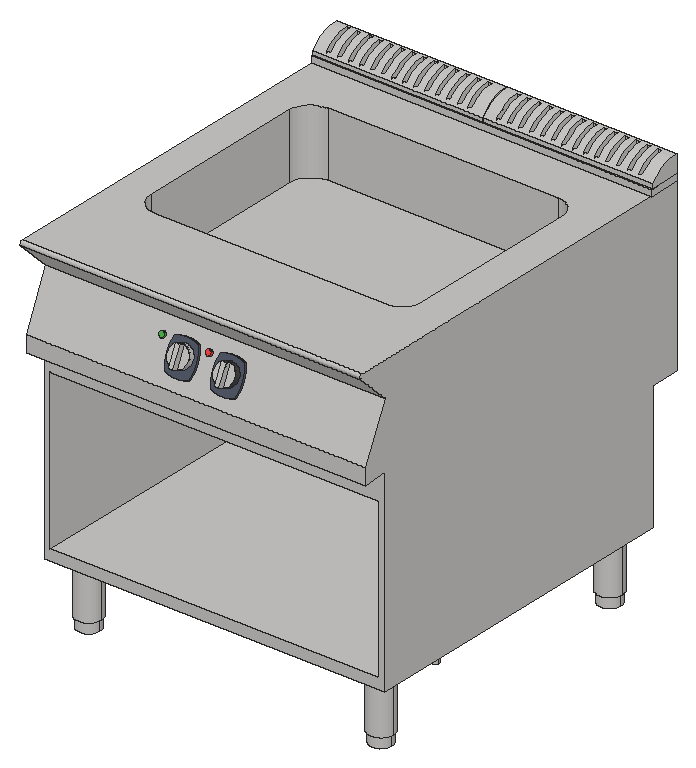
Revit family "QF_ELECTROLUXPROFESSIONAL_391596_E9QQBTBAMEI", category Attrezzature speciali, Revit 2021
Family settings
  Quota connettore circolare = Usa diametro
  Tipo di parte = Normale
  Basato su piano di lavoro = No
  Sempre verticale = Sì
  Taglio con vuoti quando caricato = No
  Condiviso = No
  Punto di calcolo locali = No
Parameters (values of type "Standard")
  Weight = 115.00 kg
  Watts = 0 W
  Volts = 0 V
  URL Manufacturer = "https://www.electroluxprofessional.com/"
  URL = "https://www.electroluxprofessional.com/"
  Steam Supply Size = 0"
  Steam Supply Minimum Pressure = 0.00 psi
  Steam Supply Maximum Pressure = 0.00 psi
  Steam Consumption per Hour = 0
  Show Logo [instance] = yes
  Show Clearance [instance] = yes
  Refrigeration Suction Line Size = 0 mm
  Refrigeration Liquid Line Size = 0 mm
  Refrigerant Compressor Remote = yes
  Prospetto di default = 0 mm
  Phase = 0
  Modello = "E9QQBTBAMEI"
  Produttore = "Electrolux Professional"
  Length Actual = 800 mm  # constant formula
  Item Number = "391596"
  Hot Water Size = 0"
  Height Actual = 850 mm  # constant formula
  HP = "0 HP"
  Gas Size = 1/2"
  Gas KW = 14
  Gas Input Pressure = 0.469158 Btu/h
  Direct Waste Size = 0"
  Descrizione = "GAS MULTIFUNCTIONAL COOKER COMPOUND BOTTOM 22L - QMARK"
  Depth Actual = 930 mm  # constant formula
  Cycle = 0 Hz
  Condensate Return Size = 0"
  Compressed Air Volume = 0 GPM
  Compressed Air Size = 0"
  Compressed Air Pressure = 0.00 psi
  Cold Water Size = 0"
  Base Height [instance] = 149 mm  # constant formula
  Accessory = yes
Reference planes
  plane 1 "BACK": y = 0
  plane 2: z = 0
  plane 3 "LEFT": x = 0
  plane 4 "RIGHT": x = 800
  plane 5 "FRONT": y = -930
  plane 6 "TOP": z = 850.238
  plane 7 "Center Y": x = 400
  plane 8 "Center X": y = -465
  plane 9: z = 149
  plane 10: y = -126
  plane 11: y = -799
  plane 12: y = -695
  plane 13: x = 56
  plane 14: x = 744
  plane 15: x = 753
  plane 16: z = 908
  plane 17: x = 789
Forms (mm)
  Extrusion 1, solid, material "QF_Finishes_Stainless Steel"
    sketch origin (0, -198.623, 0) x (0, 1, 0) y (0, 0, 1)
      loop
        line (198.623, 850.238) -> (-725.027, 850.238)
        arc (-725.027, 850.238) -> (-730.893, 846.318) -> (-729.517, 839.397) r 6.35
        line (-729.517, 839.397) -> (-656.416, 767.047) -> (-713.522, 646.19) -> (-713.522, 608.09) -> (-659.4, 613.7) -> (-659.4, 149) -> (128.623, 149) -> (128.623, 450) -> (198.623, 450) -> (198.623, 850.238)
    from 0 to 800
  Extrusion 2, void
    sketch origin (0, -198.623, 850.238) x (-1, 0, 0) y (0, -1, 0)
      loop
        line (-670, -11.863) -> (-128.433, -11.863)
        arc (-128.433, -11.863) -> (-93.078, 2.782) -> (-78.433, 38.137) r 50
        line (-78.433, 38.137) -> (-78.433, 446.377)
        arc (-78.433, 446.377) -> (-93.078, 481.732) -> (-128.433, 496.377) r 50
        line (-128.433, 496.377) -> (-670, 496.377)
        arc (-670, 496.377) -> (-705.355, 481.732) -> (-720, 446.377) r 50
        line (-720, 446.377) -> (-720, 38.137)
        arc (-720, 38.137) -> (-705.355, 2.782) -> (-670, -11.863) r 50
    from 0 to -152.4
  Extrusion 3, solid, material "QF_Clearances", visible <- "Show Clearance", detail levels coarse
    sketch origin (0, -198.623, 0) x (1, 0, 0) y (0, 1, 0)
      loop
        line (0, -731.377) -> (0, 198.623) -> (800, 198.623) -> (800, -731.377) -> (950.019, -731.377) -> (950.019, 348.642) -> (-150.019, 348.642) -> (-150.019, -731.377) -> (0, -731.377)
    from 0 to 850.238
  Revolve 4, solid, material "QF_Finishes_Stainless Steel"
    sketch origin (0, -126, 608.09) x (0, 0, 1) y (-1, 0, 0)
      loop
        line (-608.09, -56) -> (-459.09, -56) -> (-459.09, -26) -> (-583.09, -26) -> (-583.09, -29.75) -> (-608.09, -29.75) -> (-608.09, -56)
      axis (-608.09, -56) -> (-459.09, -56)
    angle from 0 to 360
  Revolve 5, solid, material "QF_Finishes_Stainless Steel"
    sketch origin (800.1, -126, 608.09) x (0, 0, 1) y (-1, 0, 0)
      loop
        line (-608.09, 56.1) -> (-608.09, 29.85) -> (-583.09, 29.85) -> (-583.09, 26.1) -> (-459.09, 26.1) -> (-459.09, 56.1) -> (-608.09, 56.1)
      axis (-608.09, 56.1) -> (-459.09, 56.1)
    angle from 0 to 360
  Extrusion 6, solid, material "QF_Finishes_Stainless Steel"
    sketch origin (-77.88, -4770.623, 533.7) x (-1, 0, 0) y (0, -1, 0)
      loop
        circle (-368.88, -4124.623) r 25.4
    from 67.3 to -12.7
  Extrusion 7, void
    sketch origin (0, -858.023, 149) x (0, 0, -1) y (-1, 0, 0)
      loop
        line (-25.4, -12.7) -> (-399.138, -12.7) -> (-399.138, -787.3) -> (-25.4, -787.3) -> (-25.4, -12.7)
    from 0 to 570.276
  Extrusion 8, void
    sketch origin (0, -198.623, 697.838) x (0, -1, 0) y (-1, 0, 0)
      loop
        circle (447.377, -291) r 25.4
    from 0 to 96.838
  Extrusion 9, solid, material "QF_Finishes_Stainless Steel"
    sketch origin (0, -70, 149) x (-1, 0, 0) y (0, 1, 0)
      loop
        circle (-789, -624) r 6.604
    from 0 to 12.7
  Extrusion 10, solid, material "QF_Finishes_Stainless Steel"
    sketch origin (-45.315, -48.869, 149) x (-1, 0, 0) y (0, 1, 0)
      loop
        circle (-798.315, -601.131) r 6.35
    from 0 to 12.7
  Extrusion 11, solid, material "QF_Finishes_Stainless Steel"
    sketch origin (0, -198.623, 14.763) x (0, 1, 0) y (0, 0, 1)
      loop
        line (198.623, 850.238) -> (125, 850.238) -> (125, 835.475) -> (198.623, 835.475) -> (198.623, 850.238)
    from 0 to 800
  Extrusion 12, solid, material "QF_Finishes_Stainless Steel"
    sketch origin (0, 0, 589.025) x (0, 1, 0) y (0, 0, 1)
      loop
        line (0, 275.975) -> (0, 318.975)
        arc (0, 318.975) -> (-38.778, 310.112) -> (-69.85, 285.275) r 89.215
        line (-69.85, 285.275) -> (-69.85, 275.975) -> (0, 275.975)
    from 0 to 400
  Extrusion 13, void
    sketch origin (0, 0, 863.663) x (0, -1, 0) y (1, 0, 0)
      loop
        line (6.761, 28.703) -> (63.911, 28.703) -> (63.911, 37.999) -> (6.761, 37.999) -> (6.761, 28.703)
      loop
        line (63.911, 63.487) -> (6.761, 63.487) -> (6.761, 54.191) -> (63.911, 54.191) -> (63.911, 63.487)
      loop
        line (63.911, 89.975) -> (6.761, 89.975) -> (6.761, 80.68) -> (63.911, 80.68) -> (63.911, 89.975)
      loop
        line (63.911, 115.464) -> (6.761, 115.464) -> (6.761, 106.168) -> (63.911, 106.168) -> (63.911, 115.464)
      loop
        line (63.911, 140.952) -> (6.761, 140.952) -> (6.761, 131.656) -> (63.911, 131.656) -> (63.911, 140.952)
      loop
        line (63.911, 166.44) -> (6.761, 166.44) -> (6.761, 157.145) -> (63.911, 157.145) -> (63.911, 166.44)
      loop
        line (63.911, 191.929) -> (6.761, 191.929) -> (6.761, 182.633) -> (63.911, 182.633) -> (63.911, 191.929)
      loop
        line (63.911, 217.417) -> (6.761, 217.417) -> (6.761, 208.121) -> (63.911, 208.121) -> (63.911, 217.417)
      loop
        line (63.911, 242.905) -> (6.761, 242.905) -> (6.761, 233.61) -> (63.911, 233.61) -> (63.911, 242.905)
      loop
        line (63.911, 268.394) -> (6.761, 268.394) -> (6.761, 259.098) -> (63.911, 259.098) -> (63.911, 268.394)
      loop
        line (63.911, 293.882) -> (6.761, 293.882) -> (6.761, 284.586) -> (63.911, 284.586) -> (63.911, 293.882)
      loop
        line (63.911, 319.37) -> (6.761, 319.37) -> (6.761, 310.075) -> (63.911, 310.075) -> (63.911, 319.37)
      loop
        line (63.911, 345.859) -> (6.761, 345.859) -> (6.761, 336.563) -> (63.911, 336.563) -> (63.911, 345.859)
      loop
        line (63.911, 370.347) -> (6.761, 370.347) -> (6.761, 361.051) -> (63.911, 361.051) -> (63.911, 370.347)
    from 10.267 to 63.5
  Extrusion 14, solid, material "QF_Finishes_Navy Blue"
    sketch origin (-108.463, -912.145, 646.19) x (0, 0.421077, 0.907025) y (-1, 0, 0)
      loop
        arc (101.077, -425.788) -> (66.2, -418.771) -> (31.333, -425.832) r 89.894
        arc (31.333, -425.832) -> (24.638, -454.363) -> (31.333, -482.893) r 64.14
        arc (31.333, -482.893) -> (66.2, -489.955) -> (101.077, -482.938) r 89.894
        arc (101.077, -482.938) -> (107.792, -454.363) -> (101.077, -425.788) r 64.16
    from 0 to 3.175
  Extrusion 15, solid, material "QF_Finishes_Stainless Steel"
    sketch origin (-108.463, -915.025, 647.527) x (0, 0.421077, 0.907025) y (-1, 0, 0)
      loop
        circle (68.826, -454.351) r 25.4
    from 0 to 12.7
  Extrusion 16, solid, material "QF_Finishes_Stainless Steel"
    sketch origin (-108.463, -926.544, 652.875) x (0, 0.421077, 0.907025) y (-1, 0, 0)
      loop
        arc (93.558, -460.137) -> (94.226, -454.351) -> (93.558, -448.564) r 25.4
        line (93.558, -448.564) -> (44.094, -448.564)
        arc (44.094, -448.564) -> (43.426, -454.351) -> (44.094, -460.137) r 25.4
        line (44.094, -460.137) -> (93.558, -460.137)
    from 0 to 12.7
  Extrusion 17, solid, material "QF_Finishes_Red"
    sketch origin (-55, -912.145, 646.19) x (0, 0.421077, 0.907025) y (-1, 0, 0)
      loop
        circle (93.566, -454.95) r 6.35
    from 0 to 3.175
  Extrusion 18, solid, material "QF_Finishes_Navy Blue"
    sketch origin (908.563, -912.145, 646.19) x (0, 0.421077, 0.907025) y (-1, 0, 0)
      loop
        arc (101.077, 425.944) -> (107.812, 454.563) -> (101.077, 483.182) r 64.179
        arc (101.077, 483.182) -> (66.2, 490.196) -> (31.333, 483.138) r 89.935
        arc (31.333, 483.138) -> (24.618, 454.563) -> (31.333, 425.988) r 64.16
        arc (31.333, 425.988) -> (66.2, 418.933) -> (101.077, 425.944) r 89.976
    from 0 to 3.175
  Extrusion 19, solid, material "QF_Finishes_Stainless Steel"
    sketch origin (908.563, -915.025, 647.527) x (0, 0.421077, 0.907025) y (-1, 0, 0)
      loop
        circle (68.826, 454.351) r 25.4
    from 0 to 12.7
  Extrusion 20, solid, material "QF_Finishes_Stainless Steel"
    sketch origin (908.563, -926.544, 652.875) x (0, 0.421077, 0.907025) y (-1, 0, 0)
      loop
        line (93.558, 460.137) -> (44.094, 460.137)
        arc (44.094, 460.137) -> (43.426, 454.351) -> (44.094, 448.564) r 25.4
        line (44.094, 448.564) -> (93.558, 448.564)
        arc (93.558, 448.564) -> (94.226, 454.351) -> (93.558, 460.137) r 25.4
    from 0 to 12.7
  Extrusion 21, solid, material "QF_Finishes_Green"
    sketch origin (-165, -912.145, 646.19) x (0, 0.421077, 0.907025) y (-1, 0, 0)
      loop
        circle (93.566, -455.05) r 6.35
    from 0 to 3.175
  Extrusion 22, solid, material "QF_Finishes_Stainless Steel"
    sketch origin (800, 0, 589.025) x (0, 1, 0) y (0, 0, -1)
      loop
        line (0, -275.975) -> (-69.85, -275.975) -> (-69.85, -285.275)
        arc (-69.85, -285.275) -> (-38.778, -310.112) -> (0, -318.975) r 89.215
        line (0, -318.975) -> (0, -275.975)
    from 0 to 400
  Extrusion 23, void
    sketch origin (800, 0, 863.663) x (0, -1, 0) y (1, 0, 0)
      loop
        line (6.761, -28.703) -> (6.761, -37.999) -> (63.911, -37.999) -> (63.911, -28.703) -> (6.761, -28.703)
      loop
        line (63.911, -63.487) -> (63.911, -54.191) -> (6.761, -54.191) -> (6.761, -63.487) -> (63.911, -63.487)
      loop
        line (63.911, -89.975) -> (63.911, -80.68) -> (6.761, -80.68) -> (6.761, -89.975) -> (63.911, -89.975)
      loop
        line (63.911, -115.464) -> (63.911, -106.168) -> (6.761, -106.168) -> (6.761, -115.464) -> (63.911, -115.464)
      loop
        line (63.911, -140.952) -> (63.911, -131.656) -> (6.761, -131.656) -> (6.761, -140.952) -> (63.911, -140.952)
      loop
        line (63.911, -166.44) -> (63.911, -157.145) -> (6.761, -157.145) -> (6.761, -166.44) -> (63.911, -166.44)
      loop
        line (63.911, -191.929) -> (63.911, -182.633) -> (6.761, -182.633) -> (6.761, -191.929) -> (63.911, -191.929)
      loop
        line (63.911, -217.417) -> (63.911, -208.121) -> (6.761, -208.121) -> (6.761, -217.417) -> (63.911, -217.417)
      loop
        line (63.911, -242.905) -> (63.911, -233.61) -> (6.761, -233.61) -> (6.761, -242.905) -> (63.911, -242.905)
      loop
        line (63.911, -268.394) -> (63.911, -259.098) -> (6.761, -259.098) -> (6.761, -268.394) -> (63.911, -268.394)
      loop
        line (63.911, -293.882) -> (63.911, -284.586) -> (6.761, -284.586) -> (6.761, -293.882) -> (63.911, -293.882)
      loop
        line (63.911, -319.37) -> (63.911, -310.075) -> (6.761, -310.075) -> (6.761, -319.37) -> (63.911, -319.37)
      loop
        line (63.911, -345.859) -> (63.911, -336.563) -> (6.761, -336.563) -> (6.761, -345.859) -> (63.911, -345.859)
      loop
        line (63.911, -370.347) -> (63.911, -361.051) -> (6.761, -361.051) -> (6.761, -370.347) -> (63.911, -370.347)
    from 10.267 to 63.5
  Revolve 24, solid, material "QF_Finishes_Stainless Steel"
    sketch origin (0, -799, 608.09) x (0, 0, 1) y (-1, 0, 0)
      loop
        line (-608.09, -56) -> (-459.09, -56) -> (-459.09, -26) -> (-583.09, -26) -> (-583.09, -29.75) -> (-608.09, -29.75) -> (-608.09, -56)
      axis (-608.09, -56) -> (-459.09, -56)
    angle from 0 to 360
  Revolve 25, solid, material "QF_Finishes_Stainless Steel"
    sketch origin (800.1, -799, 608.09) x (0, 0, 1) y (-1, 0, 0)
      loop
        line (-608.09, 56.1) -> (-608.09, 29.85) -> (-583.09, 29.85) -> (-583.09, 26.1) -> (-459.09, 26.1) -> (-459.09, 56.1) -> (-608.09, 56.1)
      axis (-608.09, 56.1) -> (-459.09, 56.1)
    angle from 0 to 360
Cuts and joins
  Extrusion 2, Extrusion 7, Extrusion 8 cuts Extrusion 1
  Extrusion 13, Extrusion 23 cuts Extrusion 12
  Extrusion 23 cuts Extrusion 22
Lines and regions (mm)
  symbolic lines, style "QF_Clearances", visible <- "Show Clearance", detail levels coarse
    curve 1: line (-150.019, 150.019, 850.238) -> (-150.019, -930, 850.238)
    curve 2: line (950.019, 150.019, 850.237) -> (-150.019, 150.019, 850.238)
    curve 3: line (950.019, -930, 850.237) -> (950.019, 150.019, 850.237)
  symbolic lines
    curve 4: line (0, 0, 850.238) -> (800, 0, 850.237)
    curve 5: line (0, -930, 850.238) -> (0, 0, 850.238)
    curve 6: line (800, -930, 850.237) -> (0, -930, 850.238)
    curve 7: line (800, 0, 850.237) -> (800, -930, 850.237)
    curve 8: line (0, -73.623, 850.238) -> (800, -73.623, 850.237)
    curve 9: line (670, -186.761, 850.237) -> (128.433, -186.761, 850.237)
    curve 10: arc (128.433, -186.761, 850.237) -> (93.078, -201.406, 850.238) -> (78.433, -236.761, 850.238) r 50
    curve 11: line (78.433, -236.761, 850.238) -> (78.433, -645, 850.238)
    curve 12: arc (78.433, -645, 850.238) -> (93.078, -680.355, 850.238) -> (128.433, -695, 850.237) r 50
    curve 13: line (128.433, -695, 850.237) -> (670, -695, 850.237)
    curve 14: arc (670, -186.761, 850.237) -> (705.355, -201.406, 850.237) -> (720, -236.761, 850.237) r 50
    curve 15: line (720, -236.761, 850.237) -> (720, -645, 850.237)
    curve 16: arc (720, -645, 850.237) -> (705.355, -680.355, 850.237) -> (670, -695, 850.237) r 50
    curve 17: arc (291, -620.6, 850.237) -> (316.4, -646, 850.237) -> (291, -671.4, 850.237) r 25.4
    curve 18: arc (291, -671.4, 850.237) -> (265.6, -646, 850.237) -> (291, -620.6, 850.237) r 25.4
    curve 19: line (28.703, -63.911, 850.238) -> (37.999, -63.911, 850.238)
    curve 20: line (28.703, -6.761, 850.238) -> (28.703, -63.911, 850.238)
    curve 21: line (37.999, -6.761, 850.238) -> (28.703, -6.761, 850.238)
    curve 22: line (37.999, -63.911, 850.238) -> (37.999, -6.761, 850.238)
    curve 23: line (54.191, -63.911, 850.238) -> (63.487, -63.911, 850.238)
    curve 24: line (54.191, -6.761, 850.238) -> (54.191, -63.911, 850.238)
    curve 25: line (63.487, -6.761, 850.238) -> (54.191, -6.761, 850.238)
    curve 26: line (63.487, -63.911, 850.238) -> (63.487, -6.761, 850.238)
    curve 27: line (80.68, -63.911, 850.237) -> (89.975, -63.911, 850.237)
    curve 28: line (80.68, -6.761, 850.237) -> (80.68, -63.911, 850.237)
    curve 29: line (89.975, -6.761, 850.237) -> (80.68, -6.761, 850.237)
    curve 30: line (89.975, -63.911, 850.237) -> (89.975, -6.761, 850.237)
    curve 31: line (106.168, -63.911, 850.237) -> (115.464, -63.911, 850.237)
    curve 32: line (106.168, -6.761, 850.237) -> (106.168, -63.911, 850.237)
    curve 33: line (115.464, -6.761, 850.237) -> (106.168, -6.761, 850.237)
    curve 34: line (115.464, -63.911, 850.237) -> (115.464, -6.761, 850.237)
    curve 35: line (131.656, -63.911, 850.237) -> (140.952, -63.911, 850.237)
    curve 36: line (131.656, -6.761, 850.237) -> (131.656, -63.911, 850.237)
    curve 37: line (140.952, -6.761, 850.237) -> (131.656, -6.761, 850.237)
    curve 38: line (140.952, -63.911, 850.237) -> (140.952, -6.761, 850.237)
    curve 39: line (157.145, -63.911, 850.237) -> (166.44, -63.911, 850.237)
    curve 40: line (157.145, -6.761, 850.237) -> (157.145, -63.911, 850.237)
    curve 41: line (166.44, -6.761, 850.237) -> (157.145, -6.761, 850.237)
    curve 42: line (166.44, -63.911, 850.237) -> (166.44, -6.761, 850.237)
    curve 43: line (182.633, -63.911, 850.237) -> (191.929, -63.911, 850.237)
    curve 44: line (182.633, -6.761, 850.237) -> (182.633, -63.911, 850.237)
    curve 45: line (191.929, -6.761, 850.237) -> (182.633, -6.761, 850.237)
    curve 46: line (191.929, -63.911, 850.237) -> (191.929, -6.761, 850.237)
    curve 47: line (208.121, -63.911, 850.237) -> (217.417, -63.911, 850.237)
    curve 48: line (208.121, -6.761, 850.237) -> (208.121, -63.911, 850.237)
    curve 49: line (217.417, -6.761, 850.237) -> (208.121, -6.761, 850.237)
    curve 50: line (217.417, -63.911, 850.237) -> (217.417, -6.761, 850.237)
    curve 51: line (233.61, -63.911, 850.237) -> (242.905, -63.911, 850.237)
    curve 52: line (233.61, -6.761, 850.237) -> (233.61, -63.911, 850.237)
    curve 53: line (242.905, -6.761, 850.237) -> (233.61, -6.761, 850.237)
    curve 54: line (242.905, -63.911, 850.237) -> (242.905, -6.761, 850.237)
    curve 55: line (259.098, -63.911, 850.237) -> (268.394, -63.911, 850.237)
    curve 56: line (259.098, -6.761, 850.237) -> (259.098, -63.911, 850.237)
    curve 57: line (268.394, -6.761, 850.237) -> (259.098, -6.761, 850.237)
    curve 58: line (268.394, -63.911, 850.237) -> (268.394, -6.761, 850.237)
    curve 59: line (284.586, -63.911, 850.237) -> (293.882, -63.911, 850.237)
    curve 60: line (284.586, -6.761, 850.237) -> (284.586, -63.911, 850.237)
    curve 61: line (293.882, -6.761, 850.237) -> (284.586, -6.761, 850.237)
    curve 62: line (293.882, -63.911, 850.237) -> (293.882, -6.761, 850.237)
    curve 63: line (310.075, -63.911, 850.237) -> (319.37, -63.911, 850.237)
    curve 64: line (310.075, -6.761, 850.237) -> (310.075, -63.911, 850.237)
    curve 65: line (319.37, -6.761, 850.237) -> (310.075, -6.761, 850.237)
    curve 66: line (319.37, -63.911, 850.237) -> (319.37, -6.761, 850.237)
    curve 67: line (336.563, -63.911, 850.237) -> (345.859, -63.911, 850.237)
    curve 68: line (336.563, -6.761, 850.237) -> (336.563, -63.911, 850.237)
    curve 69: line (345.859, -6.761, 850.237) -> (336.563, -6.761, 850.237)
    curve 70: line (345.859, -63.911, 850.237) -> (345.859, -6.761, 850.237)
    curve 71: line (361.051, -63.911, 850.237) -> (370.347, -63.911, 850.237)
    curve 72: line (361.051, -6.761, 850.237) -> (361.051, -63.911, 850.237)
    curve 73: line (370.347, -6.761, 850.237) -> (361.051, -6.761, 850.237)
    curve 74: line (370.347, -63.911, 850.237) -> (370.347, -6.761, 850.237)
    curve 75: line (429.653, -63.911, 850.237) -> (438.949, -63.911, 850.237)
    curve 76: line (429.653, -6.761, 850.237) -> (429.653, -63.911, 850.237)
    curve 77: line (438.949, -6.761, 850.237) -> (429.653, -6.761, 850.237)
    curve 78: line (438.949, -63.911, 850.237) -> (438.949, -6.761, 850.237)
    curve 79: line (454.141, -63.911, 850.237) -> (463.437, -63.911, 850.237)
    curve 80: line (454.141, -6.761, 850.237) -> (454.141, -63.911, 850.237)
    curve 81: line (463.437, -6.761, 850.237) -> (454.141, -6.761, 850.237)
    curve 82: line (463.437, -63.911, 850.237) -> (463.437, -6.761, 850.237)
    curve 83: line (480.63, -63.911, 850.237) -> (489.925, -63.911, 850.237)
    curve 84: line (480.63, -6.761, 850.237) -> (480.63, -63.911, 850.237)
    curve 85: line (489.925, -6.761, 850.237) -> (480.63, -6.761, 850.237)
    curve 86: line (489.925, -63.911, 850.237) -> (489.925, -6.761, 850.237)
    curve 87: line (506.118, -63.911, 850.237) -> (515.414, -63.911, 850.237)
    curve 88: line (506.118, -6.761, 850.237) -> (506.118, -63.911, 850.237)
    curve 89: line (515.414, -6.761, 850.237) -> (506.118, -6.761, 850.237)
    curve 90: line (515.414, -63.911, 850.237) -> (515.414, -6.761, 850.237)
    curve 91: line (531.606, -63.911, 850.237) -> (540.902, -63.911, 850.237)
    curve 92: line (531.606, -6.761, 850.237) -> (531.606, -63.911, 850.237)
    curve 93: line (540.902, -6.761, 850.237) -> (531.606, -6.761, 850.237)
    curve 94: line (540.902, -63.911, 850.237) -> (540.902, -6.761, 850.237)
    curve 95: line (557.095, -63.911, 850.237) -> (566.39, -63.911, 850.237)
    curve 96: line (557.095, -6.761, 850.237) -> (557.095, -63.911, 850.237)
    curve 97: line (566.39, -6.761, 850.237) -> (557.095, -6.761, 850.237)
    curve 98: line (566.39, -63.911, 850.237) -> (566.39, -6.761, 850.237)
    curve 99: line (582.583, -63.911, 850.237) -> (591.879, -63.911, 850.237)
    curve 100: line (582.583, -6.761, 850.237) -> (582.583, -63.911, 850.237)
    curve 101: line (591.879, -6.761, 850.237) -> (582.583, -6.761, 850.237)
    curve 102: line (591.879, -63.911, 850.237) -> (591.879, -6.761, 850.237)
    curve 103: line (608.071, -63.911, 850.237) -> (617.367, -63.911, 850.237)
    curve 104: line (608.071, -6.761, 850.237) -> (608.071, -63.911, 850.237)
    curve 105: line (617.367, -6.761, 850.237) -> (608.071, -6.761, 850.237)
    curve 106: line (617.367, -63.911, 850.237) -> (617.367, -6.761, 850.237)
    curve 107: line (633.56, -63.911, 850.237) -> (642.855, -63.911, 850.237)
    curve 108: line (633.56, -6.761, 850.237) -> (633.56, -63.911, 850.237)
    curve 109: line (642.855, -6.761, 850.237) -> (633.56, -6.761, 850.237)
    curve 110: line (642.855, -63.911, 850.237) -> (642.855, -6.761, 850.237)
    curve 111: line (659.048, -63.911, 850.237) -> (668.344, -63.911, 850.237)
    curve 112: line (659.048, -6.761, 850.237) -> (659.048, -63.911, 850.237)
    curve 113: line (668.344, -6.761, 850.237) -> (659.048, -6.761, 850.237)
    curve 114: line (668.344, -63.911, 850.237) -> (668.344, -6.761, 850.237)
    curve 115: line (684.536, -63.911, 850.237) -> (693.832, -63.911, 850.237)
    curve 116: line (684.536, -6.761, 850.237) -> (684.536, -63.911, 850.237)
    curve 117: line (693.832, -6.761, 850.237) -> (684.536, -6.761, 850.237)
    curve 118: line (693.832, -63.911, 850.237) -> (693.832, -6.761, 850.237)
    curve 119: line (710.025, -63.911, 850.237) -> (719.32, -63.911, 850.237)
    curve 120: line (710.025, -6.761, 850.237) -> (710.025, -63.911, 850.237)
    curve 121: line (719.32, -6.761, 850.237) -> (710.025, -6.761, 850.237)
    curve 122: line (719.32, -63.911, 850.237) -> (719.32, -6.761, 850.237)
    curve 123: line (736.513, -63.911, 850.237) -> (745.809, -63.911, 850.237)
    curve 124: line (736.513, -6.761, 850.237) -> (736.513, -63.911, 850.237)
    curve 125: line (745.809, -6.761, 850.237) -> (736.513, -6.761, 850.237)
    curve 126: line (745.809, -63.911, 850.237) -> (745.809, -6.761, 850.237)
    curve 127: line (762.001, -63.911, 850.237) -> (771.297, -63.911, 850.237)
    curve 128: line (762.001, -6.761, 850.237) -> (762.001, -63.911, 850.237)
    curve 129: line (771.297, -6.761, 850.237) -> (762.001, -6.761, 850.237)
    curve 130: line (771.297, -63.911, 850.237) -> (771.297, -6.761, 850.237)
    curve 131: line (400, -73.623, 850.237) -> (400, 0, 850.237)
Dimensions and locks
  equal spacing: plane 3 "LEFT", plane 7 "Center Y", plane 4 "RIGHT"
  plane 3 "LEFT" to plane 4 "RIGHT" = 800 mm
  equal spacing: plane 5 "FRONT", plane 8 "Center X", plane 1 "BACK"
  plane 5 "FRONT" to plane 1 "BACK" = 930 mm
  plane 1 "BACK" to plane 5 "FRONT" = 930 mm
  "Base Height": plane 9 to level
  plane 9 to cut or joined group of Extrusion 1, Extrusion 2, Extrusion 7, Extrusion 8 = 301 mm
  cut or joined group of Extrusion 1, Extrusion 2, Extrusion 7, Extrusion 8 to plane 1 "BACK" = 70 mm
  plane 10 to plane 1 "BACK" = 126 mm
  plane 11 to plane 10 = 673 mm
  plane 9 to plane 2 = 149 mm
  plane 12 to plane 1 "BACK" = 695 mm
  plane 6 "TOP" to plane 2 = 850.237 mm
  Extrusion 8 sketch curve to plane 1 "BACK" = 646 mm
  plane 3 "LEFT" to Extrusion 8 sketch curve = 291 mm
  Extrusion 6 sketch curve to plane 1 "BACK" = 646 mm
  plane 3 "LEFT" to Extrusion 6 sketch curve = 291 mm
  plane 4 "RIGHT" to plane 14 to plane 13 to plane 3 "LEFT" = 56 mm, 688 mm, 56 mm
  Extrusion 6 to level = 521 mm
  Extrusion 6 to plane 1 "BACK" = 646 mm
  plane 3 "LEFT" to curve 18 = 291 mm
  plane 4 "RIGHT" to curve 3 = 150.019 mm
  curve 1 to plane 3 "LEFT" = 150.019 mm
  curve 2 to plane 1 "BACK" = 150.019 mm
  Extrusion 10 sketch curve to plane 1 "BACK" = 650 mm
  Extrusion 10 sketch curve to plane 4 "RIGHT" = 47 mm
  Extrusion 10 to plane 1 "BACK" = 650 mm
  plane 15 to plane 4 "RIGHT" = 47 mm  (x2)
  cut or joined group of Extrusion 1, Extrusion 2, Extrusion 7, Extrusion 8 to plane 9 = 301 mm
  plane 1 "BACK" to cut or joined group of Extrusion 1, Extrusion 2, Extrusion 7, Extrusion 8 = 70 mm
  plane 6 "TOP" to level = 850.238 mm
  plane 16 to level = 908 mm
  plane 1 "BACK" to Extrusion 10 = 650 mm
  plane 1 "BACK" to plane 12 = 695 mm
  plane 1 "BACK" to plane 10 to plane 11 = 126 mm, 673 mm
  plane 17 to plane 4 "RIGHT" = 11 mm
  aligned and locked: level to plane 2
Automatic sketch dimensions
  curve 17 to curve 18 = 0 mm
  curve 6 to plane 4 "RIGHT" = 0 mm
  curve 16 to plane 12 = 0 mm
  curve 131 to plane 7 "Center Y" = 0 mm
  curve 6 to plane 3 "LEFT" = 0 mm
  plane 1 "BACK" to curve 7 = 0 mm
  plane 5 "FRONT" to curve 1 = 0 mm
  plane 5 "FRONT" to curve 3 = 0 mm
  plane 1 "BACK" to curve 129 = 6.761 mm
  curve 129 to plane 15 = 18.297 mm
  curve 127 to plane 15 = 9.001 mm
  plane 14 to curve 123 = 1.809 mm
  curve 123 to plane 14 = 7.487 mm
  curve 16 to plane 14 = 24 mm
  plane 1 "BACK" to curve 121 = 6.761 mm
  curve 124 to curve 121 = 17.193 mm
  curve 121 to curve 120 = 9.296 mm
  plane 1 "BACK" to curve 117 = 6.761 mm
  curve 120 to curve 117 = 16.193 mm
  curve 117 to curve 117 = 9.296 mm
  curve 14 to curve 14 = 50 mm
  curve 15 to curve 16 = 50 mm
  curve 115 to curve 111 = 16.193 mm
  curve 113 to curve 113 = 9.296 mm
  plane 1 "BACK" to curve 109 = 6.761 mm
  curve 112 to curve 109 = 16.193 mm
  curve 107 to curve 107 = 9.296 mm
  plane 1 "BACK" to curve 105 = 6.761 mm
  curve 108 to curve 105 = 16.193 mm
  curve 103 to curve 103 = 9.296 mm
  curve 103 to curve 99 = 16.193 mm
  curve 101 to curve 101 = 9.296 mm
  plane 1 "BACK" to curve 97 = 6.761 mm
  curve 100 to curve 97 = 16.193 mm
  curve 97 to curve 97 = 9.296 mm
  curve 95 to curve 91 = 16.193 mm
  curve 93 to curve 93 = 9.296 mm
  curve 91 to curve 90 = 16.193 mm
  curve 89 to curve 89 = 9.296 mm
  curve 87 to curve 83 = 16.193 mm
  curve 85 to curve 85 = 9.296 mm
  plane 1 "BACK" to curve 81 = 6.761 mm
  curve 84 to curve 81 = 17.193 mm
  curve 81 to curve 81 = 9.296 mm
  plane 1 "BACK" to curve 77 = 6.761 mm
  curve 80 to curve 77 = 15.193 mm
  curve 77 to curve 77 = 9.296 mm
  plane 1 "BACK" to curve 74 = 6.761 mm
  curve 74 to plane 7 "Center Y" = 29.653 mm
  curve 73 to curve 72 = 9.296 mm
  curve 71 to curve 67 = 15.193 mm
  curve 67 to curve 68 = 9.296 mm
  curve 67 to curve 66 = 17.193 mm
  curve 63 to curve 64 = 9.296 mm
  plane 1 "BACK" to curve 62 = 6.761 mm
  curve 64 to curve 62 = 16.193 mm
  curve 61 to curve 60 = 9.296 mm
  plane 1 "BACK" to curve 58 = 6.761 mm
  curve 60 to curve 58 = 16.193 mm
  curve 55 to curve 56 = 9.296 mm
  curve 55 to curve 51 = 16.193 mm
  curve 53 to curve 52 = 9.296 mm
  curve 51 to curve 47 = 16.193 mm
  curve 49 to curve 49 = 9.296 mm
  plane 1 "BACK" to curve 46 = 6.761 mm
  curve 48 to curve 46 = 16.193 mm
  curve 43 to curve 44 = 9.296 mm
  plane 1 "BACK" to curve 41 = 6.761 mm
  curve 44 to curve 41 = 16.193 mm
  curve 41 to curve 40 = 9.296 mm
  plane 1 "BACK" to curve 38 = 6.761 mm
  curve 40 to curve 38 = 16.193 mm
  curve 35 to curve 35 = 9.296 mm
  plane 13 to curve 9 = 72.433 mm
  plane 13 to curve 13 = 72.433 mm
  curve 35 to curve 31 = 16.193 mm
  curve 31 to curve 32 = 9.296 mm
  curve 31 to curve 30 = 16.193 mm
  curve 27 to curve 27 = 9.296 mm
  plane 13 to curve 11 = 22.433 mm
  plane 13 to curve 23 = 7.487 mm
  curve 25 to plane 13 = 1.809 mm
  curve 23 to curve 19 = 16.193 mm
  curve 21 to curve 21 = 9.296 mm
  plane 1 "BACK" to curve 65 = 6.761 mm
  plane 1 "BACK" to curve 113 = 6.761 mm
  plane 1 "BACK" to curve 126 = 6.761 mm
  plane 1 "BACK" to curve 102 = 6.761 mm
  plane 1 "BACK" to curve 20 = 6.761 mm
  plane 1 "BACK" to curve 94 = 6.761 mm
  plane 1 "BACK" to curve 24 = 6.761 mm
  plane 1 "BACK" to curve 90 = 6.761 mm
  plane 1 "BACK" to curve 28 = 6.761 mm
  plane 1 "BACK" to curve 86 = 6.761 mm
  plane 1 "BACK" to curve 32 = 6.761 mm
  plane 1 "BACK" to curve 70 = 6.761 mm
  plane 1 "BACK" to curve 48 = 6.761 mm
  plane 1 "BACK" to curve 52 = 6.761 mm
  curve 56 to curve 56 = 57.15 mm
  curve 55 to curve 59 = 0 mm
  curve 54 to curve 55 = 0 mm
  curve 59 to curve 63 = 0 mm
  curve 50 to curve 51 = 0 mm
  curve 63 to curve 67 = 0 mm
  curve 46 to curve 47 = 0 mm
  curve 67 to curve 71 = 0 mm
  curve 42 to curve 43 = 0 mm
  curve 76 to curve 75 = 57.15 mm
  curve 38 to curve 39 = 0 mm
  curve 75 to curve 79 = 0 mm
  curve 34 to curve 35 = 0 mm
  curve 79 to curve 83 = 0 mm
  curve 30 to curve 31 = 0 mm
  curve 83 to curve 87 = 0 mm
  curve 26 to curve 27 = 0 mm
  curve 87 to curve 91 = 0 mm
  curve 22 to curve 23 = 0 mm
  curve 91 to curve 95 = 0 mm
  curve 116 to curve 115 = 57.15 mm
  curve 95 to curve 99 = 0 mm
  curve 115 to curve 119 = 0 mm
  curve 99 to curve 103 = 0 mm
  curve 119 to curve 123 = 0 mm
  curve 103 to curve 107 = 0 mm
  curve 123 to curve 127 = 0 mm
  curve 107 to curve 111 = 0 mm
  curve 75 to curve 131 = 9.713 mm
  plane 10 to curve 9 = 60.761 mm
  plane 12 to curve 17 = 74.4 mm
  curve 17 to curve 17 = 25.4 mm
  curve 7 to plane 5 "FRONT" = 0 mm
  Extrusion 1 sketch curve to plane 6 "TOP" = 0 mm
  Extrusion 1 sketch curve to plane 9 = 0 mm
  Extrusion 1 sketch curve to plane 1 "BACK" = 0 mm
  Extrusion 1 sketch curve to plane 10 = 56 mm
  Extrusion 1 sketch curve to plane 11 = 56.039 mm
  Extrusion 1 sketch curve to plane 11 = 59.023 mm
  Extrusion 1 sketch curve to plane 5 "FRONT" = 17.855 mm
  Extrusion 1 sketch curve to plane 5 "FRONT" = 6.35 mm
  Extrusion 1 sketch curve to plane 5 "FRONT" = 1.86 mm
  Extrusion 1 sketch curve to Extrusion 1 sketch curve = 301 mm
  Extrusion 1 sketch curve to plane 6 "TOP" = 242.147 mm
  Extrusion 1 sketch curve to Extrusion 1 sketch curve = 5.61 mm
  Extrusion 1 sketch curve to Extrusion 1 sketch curve = 38.1 mm
  Extrusion 1 sketch curve to plane 6 "TOP" = 83.191 mm
  Extrusion 1 sketch curve to plane 6 "TOP" = 10.84 mm
  Extrusion 2 sketch curve to plane 12 = 0 mm
  Extrusion 2 sketch curve to plane 14 = 24 mm
  Extrusion 2 sketch curve to Extrusion 2 sketch curve = 50 mm  (x2)
  plane 13 to Extrusion 2 sketch curve = 72.433 mm  (x2)
  plane 13 to Extrusion 2 sketch curve = 22.433 mm
  plane 10 to Extrusion 2 sketch curve = 110.761 mm
  plane 5 "FRONT" to Extrusion 3 sketch curve = 0 mm  (x2)
  plane 1 "BACK" to Extrusion 3 sketch curve = 0 mm
  Extrusion 3 sketch curve to plane 3 "LEFT" = 0 mm
  Extrusion 3 sketch curve to plane 4 "RIGHT" = 0 mm
  Extrusion 3 sketch curve to plane 3 "LEFT" = 150.019 mm
  plane 4 "RIGHT" to Extrusion 3 sketch curve = 150.019 mm
  Extrusion 3 sketch curve to plane 1 "BACK" = 150.019 mm
  Revolve 4 sketch curve to level = 0 mm
  Revolve 4 sketch curve to plane 9 = 0 mm
  Revolve 4 sketch curve to plane 13 = 0 mm  (x2)
  level to Revolve 4 sketch curve = 25 mm
  plane 9 to Revolve 4 sketch curve = 1 mm
  Revolve 4 sketch curve to Revolve 4 sketch curve = 20 mm
  Revolve 4 sketch curve to plane 13 = 26.25 mm
  plane 3 "LEFT" to Revolve 4 sketch curve = 26 mm
  Revolve 5 sketch curve to level = 0 mm
  Revolve 5 sketch curve to plane 9 = 0 mm
  Revolve 5 sketch curve to plane 14 = 0 mm  (x2)
  level to Revolve 5 sketch curve = 25 mm
  Revolve 5 sketch curve to Revolve 5 sketch curve = 1 mm
  Revolve 5 sketch curve to Revolve 5 sketch curve = 20 mm
  Revolve 5 sketch curve to plane 15 = 17.25 mm
  Revolve 5 sketch curve to plane 15 = 21 mm
  Extrusion 7 sketch curve to Extrusion 1 = 12.7 mm  (x2)
  Extrusion 1 to Extrusion 7 sketch curve = 65.563 mm
  Extrusion 1 to Extrusion 7 sketch curve = 25.4 mm
  Extrusion 9 sketch curve to Extrusion 1 = 11 mm
  Extrusion 9 sketch curve to Extrusion 1 = 164.023 mm
  Extrusion 11 sketch curve to plane 6 "TOP" = 0 mm
  Extrusion 11 sketch curve to plane 1 "BACK" = 0 mm
  Extrusion 11 sketch curve to plane 10 = 52.377 mm
  Extrusion 11 sketch curve to Extrusion 11 sketch curve = 14.763 mm
  Extrusion 12 sketch curve to plane 1 "BACK" = 0 mm
  Extrusion 12 sketch curve to plane 16 = 0 mm
  plane 1 "BACK" to Extrusion 12 sketch curve = 0.012 mm
  plane 6 "TOP" to Extrusion 12 sketch curve = 24.063 mm
  plane 1 "BACK" to Extrusion 12 sketch curve = 69.85 mm
  plane 6 "TOP" to Extrusion 12 sketch curve = 14.763 mm
  plane 1 "BACK" to Extrusion 13 sketch curve = 6.761 mm  (x14)
  Extrusion 13 sketch curve to Extrusion 13 sketch curve = 57.15 mm
  Extrusion 13 sketch curve to Extrusion 13 sketch curve = 0 mm  (x13)
  plane 13 to Extrusion 13 sketch curve = 7.487 mm
  Extrusion 13 sketch curve to plane 13 = 1.809 mm
  Extrusion 13 sketch curve to Extrusion 13 sketch curve = 16.193 mm  (x10)
  Extrusion 13 sketch curve to Extrusion 13 sketch curve = 9.296 mm  (x13)
  Extrusion 13 sketch curve to Extrusion 13 sketch curve = 17.193 mm  (x2)
  Extrusion 13 sketch curve to Extrusion 13 sketch curve = 15.193 mm
  Extrusion 14 sketch curve to plane 7 "Center Y" = 82.631 mm
  Extrusion 14 sketch curve to plane 7 "Center Y" = 25.57 mm
  Extrusion 14 sketch curve to Extrusion 14 sketch curve = 0 mm
  Extrusion 14 sketch curve to Extrusion 14 sketch curve = 12.3 mm  (x3)
  plane 7 "Center Y" to Extrusion 14 sketch curve = 0.202 mm
  Extrusion 14 sketch curve to Extrusion 14 sketch curve = 34.925 mm  (x2)
  Extrusion 14 sketch curve to Extrusion 14 sketch curve = 45.146 mm
  Extrusion 14 sketch curve to plane 7 "Center Y" = 25.525 mm
  Extrusion 16 sketch curve to Extrusion 16 sketch curve = 24.732 mm
  Extrusion 16 sketch curve to Extrusion 16 sketch curve = 0 mm
  Extrusion 17 sketch curve to plane 7 "Center Y" = 0.05 mm
  plane 7 "Center Y" to Extrusion 18 sketch curve = 82.575 mm
  plane 7 "Center Y" to Extrusion 18 sketch curve = 25.425 mm
  Extrusion 18 sketch curve to Extrusion 18 sketch curve = 0 mm
  Extrusion 18 sketch curve to Extrusion 18 sketch curve = 12.3 mm  (x3)
  Extrusion 18 sketch curve to plane 7 "Center Y" = 0.346 mm
  Extrusion 18 sketch curve to Extrusion 18 sketch curve = 34.925 mm  (x2)
  Extrusion 18 sketch curve to Extrusion 18 sketch curve = 45.146 mm
  plane 7 "Center Y" to Extrusion 18 sketch curve = 25.381 mm
  Extrusion 20 sketch curve to Extrusion 20 sketch curve = 24.732 mm
  Extrusion 20 sketch curve to Extrusion 20 sketch curve = 0 mm
  Extrusion 21 sketch curve to plane 7 "Center Y" = 109.95 mm
  Extrusion 22 sketch curve to plane 1 "BACK" = 0 mm
  Extrusion 22 sketch curve to plane 16 = 0 mm
  plane 1 "BACK" to Extrusion 22 sketch curve = 0.012 mm
  plane 6 "TOP" to Extrusion 22 sketch curve = 24.063 mm
  plane 1 "BACK" to Extrusion 22 sketch curve = 69.85 mm
  plane 6 "TOP" to Extrusion 22 sketch curve = 14.763 mm
  plane 1 "BACK" to Extrusion 23 sketch curve = 6.761 mm  (x14)
  Extrusion 23 sketch curve to Extrusion 23 sketch curve = 57.15 mm
  Extrusion 23 sketch curve to Extrusion 23 sketch curve = 0 mm  (x13)
  Extrusion 23 sketch curve to plane 14 = 7.487 mm
  Extrusion 23 sketch curve to Extrusion 23 sketch curve = 17.193 mm  (x2)
  Extrusion 23 sketch curve to Extrusion 23 sketch curve = 9.296 mm  (x13)
  Extrusion 23 sketch curve to Extrusion 23 sketch curve = 16.193 mm  (x9)
  Extrusion 23 sketch curve to Extrusion 23 sketch curve = 15.193 mm
  plane 14 to Extrusion 23 sketch curve = 1.809 mm
  Extrusion 23 sketch curve to plane 15 = 9.001 mm
  Revolve 24 sketch curve to level = 0 mm
  Revolve 24 sketch curve to plane 9 = 0 mm
  Revolve 24 sketch curve to plane 13 = 0 mm  (x2)
  level to Revolve 24 sketch curve = 25 mm
  Revolve 24 sketch curve to Revolve 24 sketch curve = 1 mm
  Revolve 24 sketch curve to Revolve 24 sketch curve = 20 mm
  Revolve 24 sketch curve to plane 13 = 26.25 mm
  plane 3 "LEFT" to Revolve 24 sketch curve = 26 mm
  Revolve 25 sketch curve to level = 0 mm
  Revolve 25 sketch curve to plane 9 = 0 mm
  Revolve 25 sketch curve to plane 14 = 0 mm  (x2)
  level to Revolve 25 sketch curve = 25 mm
  Revolve 25 sketch curve to Revolve 25 sketch curve = 1 mm
  Revolve 25 sketch curve to Revolve 25 sketch curve = 20 mm
  Revolve 25 sketch curve to plane 15 = 17.25 mm
  Revolve 25 sketch curve to plane 15 = 21 mm
  radius of Extrusion 6 sketch curve = 25.4 mm
  radius of Extrusion 8 sketch curve = 25.4 mm
  radius of Extrusion 9 sketch curve = 6.604 mm
  radius of Extrusion 10 sketch curve = 6.35 mm
  radius of Extrusion 15 sketch curve = 25.4 mm
  radius of Extrusion 16 sketch curve to Extrusion 15 = 0 mm  (x2)
  radius of Extrusion 17 sketch curve = 6.35 mm
  radius of Extrusion 19 sketch curve = 25.4 mm
  radius of Extrusion 20 sketch curve to Extrusion 19 = 0 mm  (x2)
  radius of Extrusion 21 sketch curve = 6.35 mm
Connectors
  piping at (291, -646, 521), diameter 50.8
    settings: on Extrusion 6, index 3, connector inside diameter 2", connector length 0 mm, flow factor 0, pipe flow 0 GPM, pressure drop 0.00 psi, fitting loss kfactor 0, connector angle 0.00°, fixture units 0, engagement length 0 mm, angle of deflection 0.00°, flow configuration 1, flow direction 2, fitting loss method 0, system type 16, joint type 0, gender type 0, connector reference index -1, connector utility 0, adjustable connector no, is connector primary yes, connector description "DRAIN"
  piping at (753, -650, 136.3), diameter 12.8
    settings: on Extrusion 10, index 5, connector inside diameter 0.50394", connector length 0 mm, flow factor 0, pipe flow 0 GPM, pressure drop 0.00 psi, fitting loss kfactor 0, connector angle 0.00°, fixture units 0, engagement length 0 mm, angle of deflection 0.00°, flow configuration 0, flow direction 0, fitting loss method 0, system type 7, joint type 0, gender type 0, connector reference index -1, connector utility 0, adjustable connector no, is connector primary no, connector description "GAS CONNECTION"
